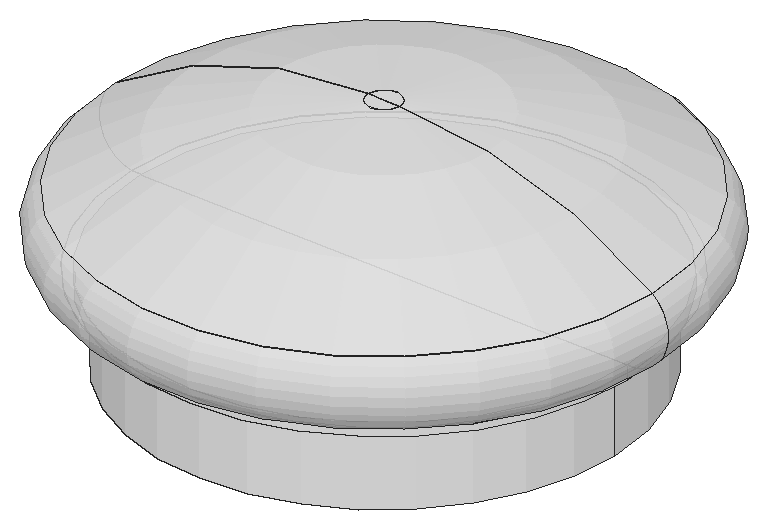
Revit family "0043114 Sylvania Lighting Fixture START ECO SURFACE IP44 500LM 830", category Lighting Fixtures, host Face, Revit 2016
Family settings
  Host = Face
  Part Type = Normal
  Round Connector Dimension = Use Diameter
  OmniClass Number = 23.80.70.11.17
  OmniClass Title = Specialized Lighting by Location or Use
  Cut with Voids When Loaded = No
  Light Source = Yes
  Shared = No
  Room Calculation Point = No
Parameters (values of type "0043114 START ECO SURFACE IP44 500LM 830")
  Weight = "kg"
  WarrantyStartDate [instance] = "n/a"
  WarrantyGuarantorParts = "n/a"
  WarrantyDurationUnit = "n/a"
  WarrantyDurationParts = "n/a"
  WarrantyDescription = "n/a"
  Voltage = 230 V
  TypeName = "START ECO SURFACE IP44 500LM 830"
  SerialNumber [instance] = "n/a"
  Radius_FEILO = 90.0 mm
  Wattage = 6 W
  built-in parameter 1150110 = 1 (stored number, unit not read)
  URL = "http://www.sylvania-lighting.com"
  built-in parameter 1114217 = 1 (stored number, unit not read)
  Tilt Angle = -90°
  built-in parameter 1150109 = 1 (stored number, unit not read)
  built-in parameter 1150134 = (empty or 0)
  built-in parameter 1150113 = 1 (stored number, unit not read)
  PowerFactor = 0.8
  PowerConsumption = "6 W"
  Photometric Web File = "0043114.ies"
  NominalWidth = 0.0 mm
  NominalLength = 180.0 mm
  NominalHeight = 75.0 mm
  Name = "START ECO SURFACE IP44 500LM 830"
  ModelReference = "START ECO SURFACE IP44 500LM 830"
  ModelNumber = "0043114"
  Material_4_FEILO = none
  Material_3_FEILO = Polycarbonate_Sylvania_Sylcircle_Opal
  Material_2_FEILO = Metal_Sylvania_Sylcircle_White
  Material_1_FEILO = none
  Material = "aluminium housing, polycarbonate diffuser"
  ManufacturerName = "Feilo Sylvania"
  LuminousEfficacy = "83 lm/W"
  LuminaireType = ""
  LightOutputRatio = "n/a"
  LampsType = Lamp  # "LED"
  LampNominalLuminous = "500 lm"
  LampMacAdamStep = "6"
  LampColourTemperature = "3000 K"
  LampColourRenderingIndex = "80"
  Keynote = "16500"
  InstallationDate [instance] = "n/a"
  InputVoltage = "220-240V~"
  InputNominalFrequency = "50 Hz"
  IngressProtection = "IP44"
  ImpactProtectionIndex = "IK03"
  IfcExportType = "IfcLightFixtureType"
  IfcExportAs = "IfcLightFixtureType"
  Height_FEILO = 75.0 mm
  ExpectedLife = 50000
  ElectricShockClassification = "Class I"
  DurationUnit = "hours"
  DocumentationLiterature = "http://www.sylvania-lighting.com/product/en-int/products/0043114"
  DimmingControlOptions = "Non dimmable"
  Diameter_FEILO = 2 * Radius_FEILO  # 180.0 mm
  CreatedOn = "8/8/2018"
  CreatedBy = "@sylvania-lighting.com"
  built-in parameter 1114216 [instance] = 1 (stored number, unit not read)
  Model = "START ECO SURFACE IP44 500LM 830"
  Manufacturer = "Feilo Sylvania"
  built-in parameter 1150105 = 133.79 (stored number, unit not read)
  Lumens = 498 lm
  built-in parameter 1150115 = 1 (stored number, unit not read)
  built-in parameter 1150137 = (empty or 0)
  built-in parameter 1150139 = (empty or 0)
  built-in parameter 1150112 = 1 (stored number, unit not read)
  built-in parameter 1150114 = 1 (stored number, unit not read)
  Lamp = "LED"
  built-in parameter 1150132 = 2
  built-in parameter 1150102 = (empty or 0)
  built-in parameter 1150107 = 3000 (stored number, unit not read)
  built-in parameter 1150138 = (empty or 0)
  built-in parameter 1150106 = 1.3379 (stored number, unit not read)
  built-in parameter 1150104 = 7.711 (stored number, unit not read)
  Dimming Lamp Color Temperature Shift = <None>
  Description = "Ceiling / wall luminaire with integrated LED  Perfect solution for hallways, circulation spaces or foyer.   Even and uniform light distribution with a halo lighting effect on the wall surface    6W 500 lumens Supplied with LED driver (non-dimmable)    IK03 PMMA diffuser   Low maintenance with 30,000 hours LED life expectancy"
  Default Elevation = 0.0 mm
  Color Filter = 16777215
  built-in parameter 1140040 [instance] = 1
  BarCode [instance] = "n/a"
  built-in parameter 1114218 = 1 (stored number, unit not read)
  built-in parameter 1150133 = 10 (stored number, unit not read)
  AssetType = "Fixed"
  AssetIdentifier [instance] = "n/a"
  Assembly Code = "D5020200"
  Apparent Load = 6 VA
Reference planes
  plane 1 "Center (Front/Back)": y = 0
  plane 2: z = 0
  plane 3 "Center (Left/Right)": x = 0
  plane 4: x = 90
  plane 5: z = 23
  plane 6 "Housing Bottom": z = 27
  plane 7: z = 50
  plane 8 "Fixture Bottom": z = 75
  plane 9: x = 85
  plane 10: x = 80
  plane 11: x = 77
  plane 12: x = 73
Forms (mm)
  Revolve 1, solid, material "Polycarbonate_Sylvania_Sylcircle_Opal" <- "Material_3_FEILO", detail levels fine
    sketch origin (0, 0, 0) x (1, 0, 0) y (0, 0, 1)
      loop
        line (0, 75) -> (0, 27) -> (79.962, 27)
        arc (79.962, 27) -> (89.736, 36.911) -> (85, 50) r 13.044
        arc (85, 50) -> (46.908, 68.604) -> (5, 75) r 140.5
        line (5, 75) -> (0, 75)
      axis (0, 75) -> (0, 27)
    angle from 0 to 360
  Revolve 2, solid, material "Metal_Sylvania_Sylcircle_White" <- "Material_2_FEILO", detail levels fine
    sketch origin (0, 0, 0) x (1, 0, 0) y (0, 0, 1)
      loop
        line (77, 27) -> (0, 27) -> (0, 0) -> (73, 0) -> (73, 23) -> (77, 23) -> (77, 27)
      axis (0, 27) -> (0, 0)
    angle from 0 to 360
  Revolve 3, solid, material "Metal_Sylvania_Sylcircle_White" <- "Material_2_FEILO", detail levels coarse+medium
    sketch origin (0, 0, 0) x (1, 0, 0) y (0, 0, 1)
      loop
        line (0, 75) -> (0, 0) -> (73, 0) -> (73, 23) -> (77, 23) -> (77, 27) -> (79.962, 27)
        arc (79.962, 27) -> (89.736, 36.911) -> (85, 50) r 13.044
        arc (85, 50) -> (46.908, 68.604) -> (5, 75) r 140.5
        line (5, 75) -> (0, 75)
      axis (0, 75) -> (0, 0)
    angle from 0 to 360
Dimensions and locks
  "Height_FEILO": plane 8 "Fixture Bottom" to plane 2
  "Radius_FEILO": plane 4 to plane 3 "Center (Left/Right)"
  plane 6 "Housing Bottom" to plane 5 to plane 2 = 4.0 mm locked, 23.0 mm locked
  plane 4 to plane 9 to plane 10 to plane 11 to plane 12 = 5.0 mm locked, 5.0 mm locked, 3.0 mm locked, 4.0 mm locked
  aligned and locked: plane 2 to host face
  aligned and locked: level to host face
  aligned and locked: plane 1 "Center (Front/Back)" to imposter light
  aligned and locked: plane 3 "Center (Left/Right)" to imposter light
  aligned and locked: Revolve 1 sketch curve to plane 3 "Center (Left/Right)"
  aligned and locked: plane 6 "Housing Bottom" to Revolve 1 sketch curve  (x2)
  aligned and locked: Revolve 1 sketch curve to plane 8 "Fixture Bottom"
  aligned and locked: plane 9 to Revolve 1 sketch curve
  aligned and locked: Revolve 2 sketch curve to plane 6 "Housing Bottom"
  aligned and locked: Revolve 2 sketch curve to plane 11
  aligned and locked: Revolve 2 sketch curve to plane 5
  aligned and locked: Revolve 2 sketch curve to plane 12
  aligned and locked: Revolve 2 sketch curve to plane 2
  aligned and locked: Revolve 2 sketch curve to plane 3 "Center (Left/Right)"  (x2)
  aligned and locked: plane 8 "Fixture Bottom" to imposter light
  aligned and locked: plane 9 to Revolve 3 sketch curve
  aligned and locked: plane 6 "Housing Bottom" to Revolve 3 sketch curve
  aligned and locked: plane 7 to Revolve 3 sketch curve
  aligned and locked: Revolve 3 sketch curve to imposter light
  aligned and locked: Revolve 3 sketch curve to plane 11
  aligned and locked: Revolve 3 sketch curve to plane 2
  aligned and locked: Revolve 3 sketch curve to plane 5
  aligned and locked: Revolve 3 sketch curve to plane 12
Automatic sketch dimensions
  host sketch curve to host sketch curve = 1305.563 mm
  host sketch curve to host sketch curve = 1283.632 mm
  Revolve 1 sketch curve to plane 3 "Center (Left/Right)" = 0.0 mm
  Revolve 1 sketch curve to plane 7 = 0.0 mm
  Revolve 1 sketch curve to plane 10 = 0.038 mm
  plane 3 "Center (Left/Right)" to Revolve 1 sketch curve = 5.0 mm
  Revolve 1 sketch curve to plane 10 = 3.007 mm
  Revolve 1 sketch curve to Revolve 1 sketch curve = 234.06 mm
  Revolve 1 sketch curve to Revolve 1 sketch curve = 2559.943 mm
  Revolve 2 sketch curve to level = 372.274 mm
  plane 8 "Fixture Bottom" to Revolve 2 sketch curve = 2559.943 mm
  Revolve 3 sketch curve to plane 3 "Center (Left/Right)" = 0.0 mm  (x2)
  plane 3 "Center (Left/Right)" to Revolve 3 sketch curve = 5.0 mm
  Revolve 3 sketch curve to plane 10 = 0.038 mm
  Revolve 3 sketch curve to plane 11 = 0.007 mm
  Revolve 3 sketch curve to Revolve 3 sketch curve = 234.06 mm
  Revolve 3 sketch curve to Revolve 3 sketch curve = 2559.943 mm
Connectors
  electrical at (0, 0, 0), driven by "Apparent Load", driven by "Voltage", driven by "PowerFactor"
    settings: on Revolve 2, index 1, voltage 230 V, apparent load 0 VA, apparent load phase1 6 VA, apparent load phase2 0 VA, apparent load phase3 0 VA, power factor 0.8, load classification "Lighting", number of poles 1, system type 31, power factor state 1, is connector primary yes, connector utility no, sub classification motor no, connector description ""
